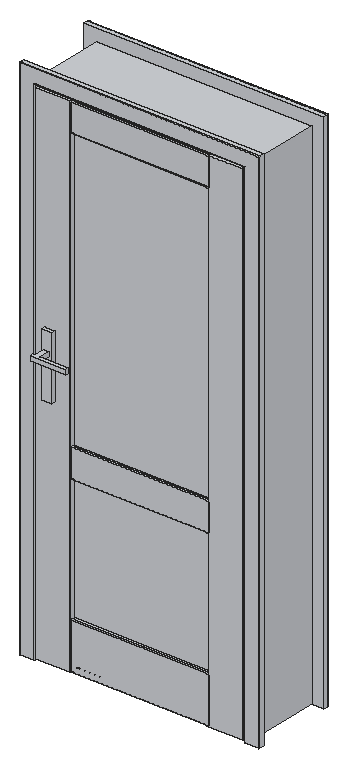
Revit family "b_portagrande_c0_pn60-100", category Drzwi, Revit 2016
Family settings
  Obiekt nadrzędny = Ściana
  Zawsze pionowo = Tak
  Tnij formami wycięć po wczytaniu = Nie
  Współdzielony = Nie
  Punkt obliczania pomieszczeń = Nie
Parameters (values of type "PN 80")
  Zakres szerokości muru [instance] = if(and(Szerokość ściany > 94 mm, Szerokość ściany < 120 mm), "B", (if(and(Szerokość ściany > 119 mm, Szerokość ściany < 140 mm), "C", (if(and(Szerokość ściany > 139 mm, Szerokość ściany < 160 mm), "D", (if(and(Szerokość ściany > 159 mm, Szerokość ściany < 180 mm), "E", (if(and(Szerokość ściany > 179 mm, Szerokość ściany < 200 mm), "F", (if(and(Szerokość ściany > 199 mm, Szerokość ściany < 220 mm), "G", (if(and(Szerokość ściany > 219 mm, Szerokość ściany < 240 mm), "H", (if(and(Szerokość ściany > 239 mm, Szerokość ściany < 260 mm), "I", (if(and(Szerokość ściany > 259 mm, Szerokość ściany < 280 mm), "J", (if(and(Szerokość ściany > 279 mm, Szerokość ściany < 301 mm), "K", "BRAK")))))))))))))))))))  # "K"
  Wysokość brutto = 2060 mm
  Szerokość ściany [instance] = 300 mm
  Szerokość brutto = 880 mm
  Model = "Porta GRANDE C.0"
  Konstrukcja analityczna = "<Brak>"
  Funkcja = Wewnętrzna
  URL = "www.porta.com.pl"
  Ss = 818 mm
  Sb = 846 mm
  Producent = "PORTA KMI POLAND"  # constant formula
  Keynote = ""
  Opis = "Własność Porta KMI Poland, wszelkie prawa zastrzeżone."  # constant formula
  Wysokość = 2016 mm
  Zakończenie ściany = Wg obiektu nadrzędnego
  Szerokość = 800 mm
  Materiał_skrzydło [instance] = none
  Materiał_ościeżnica [instance] = none
  Materiał_klamka [instance] = none
  Hs = 2017 mm
Types (5, lengths in mm): name | Szerokość brutto | Ss | Sb | Szerokość
  PN 70 | 780 | 718 | 746 | 700
  PN 60 | 680 | 618 | 646 | 600
  PN 80 | 880 | 818 | 846 | 800
  PN 90 | 980 | 918 | 946 | 900
  PN 100 | 1080 | 1018 | 1046 | 1000
Reference planes
  plane 1: y = 0
  plane 2 "Środek (Lewa/Prawa)": x = 0
  plane 3 "Lewy": x = -440
  plane 4 "Prawy": x = 440
  plane 5: z = 2060
  plane 6 "Zewnętrzna": y = 150
  plane 7 "Wewnętrzna": y = -150
  plane 8 "skrzydło": y = -129
Forms (mm)
  Sweep 1, solid, material <- "Materiał_ościeżnica"
    path in 3D
      loop
        line (-440, -150, 0) -> (-440, -150, 2060) -> (440, -150, 2060) -> (440, -150, 0)
    profile origin (-440, -150, 1030) x (0, -1, 0) y (1, 0, 0)
      loop
        line (-24, 39) -> (-72, 39) -> (-72, 17) -> (0, 17) -> (0, -33) -> (16, -33)
        arc (16, -33) -> (18.121, -32.121) -> (19, -30) r 3
        line (19, -30) -> (19, 24)
        arc (19, 24) -> (18.121, 26.121) -> (16, 27) r 3
        line (16, 27) -> (-24, 27) -> (-24, 39)
  Sweep 2, solid, material <- "Materiał_ościeżnica"
    path in 3D
      loop
        line (440, 150, 0) -> (440, 150, 2060) -> (-440, 150, 2060) -> (-440, 150, 0)
    profile origin (-440, 150, 1030) x (1, 0, 0) y (0, 1, 0)
      loop
        line (-33, 0) -> (17, 0) -> (17, -228) -> (39, -228) -> (39, -1)
        arc (39, -1) -> (37.536, 2.536) -> (34, 4) r 5
        line (34, 4) -> (25, 4) -> (25, 16)
        arc (25, 16) -> (24.121, 18.121) -> (22, 19) r 3
        line (22, 19) -> (-30, 19)
        arc (-30, 19) -> (-32.121, 18.121) -> (-33, 16) r 3
        line (-33, 16) -> (-33, 0)
  Sweep 3, solid, not visible
    path in 3D
      loop
        line (-440, -150, 0) -> (-440, -150, 2060)
    profile origin (-440, -150, 1030) x (0, -1, 0) y (1, 0, 0)
      loop
        line (-151, 17) -> (-149, 17) -> (-149, 19) -> (-151, 19) -> (-151, 17)
Cuts and joins
  joined: Sweep 1, Sweep 2
Lines and regions (mm)
  Opening 1
    outline origin (-3050, -150, 0) x (1, 0, 0) y (0, 0, 1)
      loop
        line (2610, 0) -> (3490, 0) -> (3490, 2060) -> (2610, 2060) -> (2610, 0)
  sketch lines
    curve 1: line (-440, -150, 0) -> (-440, -150, 2060)
    curve 2: line (-440, -150, 2060) -> (440, -150, 2060)
    curve 3: line (440, -150, 2060) -> (440, -150, 0)
    curve 4: line (-440, 150, 2060) -> (-440, 150, 0)
    curve 5: line (440, 150, 2060) -> (-440, 150, 2060)
    curve 6: line (440, 150, 0) -> (440, 150, 2060)
    curve 12: line (-440, -150, 0) -> (-440, -150, 2060)
  symbolic lines, style "DoorsPanelProjection"
    curve 7: line (409, -150, 0) -> (409, -968, 0)
    curve 8: line (409, -968, 0) -> (369, -968, 0)
    curve 9: line (369, -968, 0) -> (369, -150, 0)
    curve 10: line (369, -150, 0) -> (409, -150, 0)
  symbolic lines, style "Ugięcie rzutu"
    curve 11: arc (-409, -150, 0) -> (-169.413, -728.413, 0) -> (409, -968, 0) r 818
Text (mm)
  text "Zewnętrzna" at (-2295.016, 1099.543, 0), in view "Poziom odniesienia"
  text "Zewnętrzna" at (0, 1615.38, 3698.081), in view "Lewy"
  text "Zewnętrzna" at (0, 1036.032, 3874.932), in view "Prawy"
Dimensions and locks
  equal spacing: plane 3 "Lewy", plane 2 "Środek (Lewa/Prawa)", plane 4 "Prawy"
  "Szerokość brutto": plane 3 "Lewy" to plane 4 "Prawy"
  "Wysokość brutto": plane 5 to host wall
  host wall to plane 5 = 2060 mm  (x2)
  locked: plane 6 "Zewnętrzna" to host wall at 0
  locked: plane 7 "Wewnętrzna" to host wall
  "Sb": Sweep 1 to Sweep 1
  locked: Sweep 1 sketch curve to Sweep 1 sketch curve at 22
  Sweep 1 sketch curve to Sweep 1 sketch curve = 50 mm
  locked: Sweep 1 sketch curve to profile plane at 72
  locked: Sweep 2 sketch curve to Sweep 2 sketch curve at 50
  locked: Sweep 2 sketch curve to Sweep 2 sketch curve at 22
  locked: Sweep 2 sketch curve to plane 6 "Zewnętrzna" at 1
  locked: curve 9 to curve 7 at 40
  "Ss": curve 8 to curve 10
  equal spacing: curve 11, plane 2 "Środek (Lewa/Prawa)", curve 7
  locked: plane 7 "Wewnętrzna" to plane 8 "skrzydło" at 21
  locked: host wall to Sweep 3 sketch curve at 1
  locked: Sweep 3 sketch curve to host wall at 1
  locked: Sweep 3 sketch curve to plane 6 "Zewnętrzna" at 151
  locked: plane 7 "Wewnętrzna" to Sweep 3 sketch curve at 151
  equal spacing: nested 1, plane 2 "Środek (Lewa/Prawa)", nested 1
  locked: nested 1 to level at 8
  "Szerokość ściany": host wall to host wall
  aligned and locked: plane 3 "Lewy" to Opening 1 sketch curve
  aligned and locked: plane 5 to Opening 1 sketch curve  (x2)
  aligned and locked: Opening 1 sketch curve to plane 4 "Prawy"
  aligned and locked: Opening 1 sketch curve to level
  aligned and locked: plane 1 to host wall
  aligned and locked: Sweep 1 to Sweep 2 sketch curve
  aligned and locked: plane 7 "Wewnętrzna" to curve 10
  aligned and locked: Sweep 3 sketch curve to cut or joined group of Sweep 1, Sweep 2
  aligned and locked: Sweep 2 sketch curve to cut or joined group of Sweep 1, Sweep 2
  aligned and locked: nested 1 to plane 8 "skrzydło"
Automatic sketch dimensions
  profile plane to Sweep 1 sketch curve = 24 mm
  Sweep 1 sketch curve to profile plane = 16 mm  (x2)
  Sweep 1 sketch curve to Sweep 1 sketch curve = 3 mm
  profile plane to Sweep 1 sketch curve = 17 mm
  Sweep 1 sketch curve to Sweep 1 sketch curve = 7 mm
  Sweep 1 sketch curve to profile plane = 0 mm
  Sweep 2 sketch curve to profile plane = 0 mm
  Sweep 2 sketch curve to profile plane = 16 mm
  Sweep 2 sketch curve to Sweep 2 sketch curve = 3 mm
  Sweep 2 sketch curve to Sweep 2 sketch curve = 5 mm
  Sweep 2 sketch curve to profile plane = 4 mm
  Sweep 2 sketch curve to Sweep 2 sketch curve = 8 mm
  curve 11 to host wall = 0 mm
  Sweep 3 sketch curve to Sweep 3 sketch curve = 2 mm
Nested families
  nested 1: "skrzydło" at (0, -135.5, 0), Materiał_klamka <- "Materiał_klamka", Materiał_skrzydło <- "Materiał_skrzydło", type "skrzydło"
    with Materiał_skrzydło none, Materiał_klamka none
Definition of nested family "skrzydło"
  Parameters
    Ss = 818 mm
    Materiał_skrzydło [instance] = none
    Materiał_klamka [instance] = none
    Hs = 2017 mm
  Reference planes
    plane 1 "Tył": y = 6.5
    plane 2: z = 0
    plane 3 "Środek (Lewa/Prawa)": x = 0
    plane 4 "Lewa": x = -409
    plane 5 "Prawa": x = 409
    plane 6 "Przód": y = -33.5
    plane 7: z = 2025
    plane 8 "Centrum": y = -13.5
    plane 9: z = 8
    plane 10: x = -272
    plane 11: x = 272
  Forms (mm)
    Extrusion 1, solid, material <- "Materiał_skrzydło"
      sketch origin (-1191.728, -1524, 8) x (-1, 0, 0) y (0, -1, 0)
        loop
          line (-1465.378, -1490.5) -> (-1599.078, -1490.5)
          arc (-1599.078, -1490.5) -> (-1600.244, -1490.983) -> (-1600.728, -1492.15) r 1.65
          line (-1600.728, -1492.15) -> (-1600.728, -1528.8)
          arc (-1600.728, -1528.8) -> (-1600.23, -1530.002) -> (-1599.028, -1530.5) r 1.7
          line (-1599.028, -1530.5) -> (-1465.378, -1530.5)
          arc (-1465.378, -1530.5) -> (-1464.211, -1530.017) -> (-1463.728, -1528.85) r 1.65
          line (-1463.728, -1528.85) -> (-1463.728, -1492.15)
          arc (-1463.728, -1492.15) -> (-1464.211, -1490.983) -> (-1465.378, -1490.5) r 1.65
      from 0 to 2017
    Extrusion 2, solid, material <- "Materiał_skrzydło"
      sketch origin (0, 0, 0) x (0, 1, 0) y (0, 0, 1)
        loop
          line (4, 1911.65) -> (4, 2023.3)
          arc (4, 2023.3) -> (3.502, 2024.502) -> (2.3, 2025) r 1.7
          line (2.3, 2025) -> (-29.35, 2025)
          arc (-29.35, 2025) -> (-30.517, 2024.517) -> (-31, 2023.35) r 1.65
          line (-31, 2023.35) -> (-31, 1911.65)
          arc (-31, 1911.65) -> (-30.517, 1910.483) -> (-29.35, 1910) r 1.65
          line (-29.35, 1910) -> (2.35, 1910)
          arc (2.35, 1910) -> (3.517, 1910.483) -> (4, 1911.65) r 1.65
        loop
          line (2.35, 195) -> (-29.35, 195)
          arc (-29.35, 195) -> (-30.517, 194.517) -> (-31, 193.35) r 1.65
          line (-31, 193.35) -> (-31, 9.65)
          arc (-31, 9.65) -> (-30.517, 8.483) -> (-29.35, 8) r 1.65
          line (-29.35, 8) -> (-25, 8)
          arc (-25, 8) -> (-23.833, 8.483) -> (-23.35, 9.65) r 1.65
          arc (-23.35, 9.65) -> (-22.955, 10.605) -> (-22, 11) r 1.35
          line (-22, 11) -> (-5, 11)
          arc (-5, 11) -> (-4.045, 10.605) -> (-3.65, 9.65) r 1.35
          arc (-3.65, 9.65) -> (-3.167, 8.483) -> (-2, 8) r 1.65
          line (-2, 8) -> (2.35, 8)
          arc (2.35, 8) -> (3.517, 8.483) -> (4, 9.65) r 1.65
          line (4, 9.65) -> (4, 193.35)
          arc (4, 193.35) -> (3.517, 194.517) -> (2.35, 195) r 1.65
        loop
          line (2.35, 805) -> (-29.35, 805)
          arc (-29.35, 805) -> (-30.517, 804.517) -> (-31, 803.35) r 1.65
          line (-31, 803.35) -> (-31, 691.65)
          arc (-31, 691.65) -> (-30.517, 690.483) -> (-29.35, 690) r 1.65
          line (-29.35, 690) -> (2.35, 690)
          arc (2.35, 690) -> (3.517, 690.483) -> (4, 691.65) r 1.65
          line (4, 691.65) -> (4, 803.35)
          arc (4, 803.35) -> (3.517, 804.517) -> (2.35, 805) r 1.65
      from -272 to 272
    Extrusion 3, solid, material <- "Materiał_skrzydło"
      sketch origin (-892.016, -13.5, 1213) x (-1, 0, 0) y (0, 0, 1)
        loop
          line (-620.016, -408) -> (-620.016, 697) -> (-1164.016, 697) -> (-1164.016, -408) -> (-620.016, -408)
      from -4 to 4
    Extrusion 4, solid, material <- "Materiał_skrzydło"
      sketch origin (-892.016, -13.5, 1200) x (-1, 0, 0) y (0, 0, 1)
        loop
          line (-620.016, -510) -> (-1164.016, -510) -> (-1164.016, -1005) -> (-620.016, -1005) -> (-620.016, -510)
      from -4 to 4
    Extrusion 5, solid, material <- "Materiał_skrzydło"
      sketch origin (-1191.728, -1524, 8) x (-1, 0, 0) y (0, -1, 0)
        loop
          arc (-918.078, -1490.5) -> (-919.244, -1490.983) -> (-919.728, -1492.15) r 1.65
          line (-919.728, -1492.15) -> (-919.728, -1528.85)
          arc (-919.728, -1528.85) -> (-919.244, -1530.017) -> (-918.078, -1530.5) r 1.65
          line (-918.078, -1530.5) -> (-784.428, -1530.5)
          arc (-784.428, -1530.5) -> (-783.225, -1530.002) -> (-782.728, -1528.8) r 1.7
          line (-782.728, -1528.8) -> (-782.728, -1492.15)
          arc (-782.728, -1492.15) -> (-783.211, -1490.983) -> (-784.378, -1490.5) r 1.65
          line (-784.378, -1490.5) -> (-918.078, -1490.5)
      from 0 to 2017
  Dimensions and locks
    equal spacing: plane 4 "Lewa", plane 3 "Środek (Lewa/Prawa)", plane 5 "Prawa"
    "Ss": plane 4 "Lewa" to plane 5 "Prawa"
    locked: plane 9 to level at 8
    "Hs": plane 7 to plane 9
    locked: nested 1 to plane 9 at 934
    locked: plane 9 to nested 2 at 934
    equal spacing: plane 6 "Przód", plane 8 "Centrum", plane 1 "Tył"
    locked: plane 10 to plane 4 "Lewa" at 137
    locked: plane 5 "Prawa" to plane 11 at 137
    aligned and locked: nested 1 to plane 6 "Przód"
    aligned and locked: plane 5 "Prawa" to Extrusion 1 sketch curve
    aligned and locked: Extrusion 1 sketch curve to plane 1 "Tył"
    aligned and locked: Extrusion 1 sketch curve to plane 6 "Przód"
    aligned and locked: Extrusion 1 sketch curve to plane 11
    aligned and locked: plane 7 to Extrusion 1
    aligned and locked: Extrusion 2 to plane 10
    aligned and locked: plane 11 to Extrusion 2
    aligned and locked: Extrusion 2 to Extrusion 3 sketch curve  (x2)
    aligned and locked: plane 10 to Extrusion 4 sketch curve
    aligned and locked: plane 11 to Extrusion 4 sketch curve
    aligned and locked: plane 4 "Lewa" to Extrusion 5 sketch curve
    aligned and locked: Extrusion 5 sketch curve to plane 10
    aligned and locked: plane 7 to Extrusion 5
    aligned and locked: nested 2 to nested 1
  Automatic sketch dimensions
    Extrusion 3 sketch curve to plane 7 = 115 mm
    Extrusion 3 sketch curve to Extrusion 3 sketch curve = 1105 mm
    Extrusion 5 sketch curve to plane 6 "Przód" = 0 mm
    plane 1 "Tył" to Extrusion 5 sketch curve = 0 mm
    Extrusion 5 sketch curve to plane 10 = 1.65 mm
    plane 1 "Tył" to Extrusion 5 sketch curve = 1.65 mm
    plane 4 "Lewa" to Extrusion 5 sketch curve = 1.7 mm
    plane 4 "Lewa" to Extrusion 5 sketch curve = 1.65 mm
    Extrusion 1 sketch curve to Extrusion 1 sketch curve = 1.65 mm
    Extrusion 1 sketch curve to plane 5 "Prawa" = 1.7 mm
    plane 11 to Extrusion 1 sketch curve = 1.65 mm  (x2)
    Extrusion 2 sketch curve to plane 7 = 0 mm
    Extrusion 2 sketch curve to plane 9 = 0 mm  (x2)
    plane 6 "Przód" to Extrusion 2 sketch curve = 2.5 mm  (x3)
    Extrusion 2 sketch curve to plane 7 = 1.65 mm
    Extrusion 2 sketch curve to Extrusion 2 sketch curve = 1.65 mm  (x8)
    plane 9 to Extrusion 2 sketch curve = 1.65 mm  (x2)
    Extrusion 2 sketch curve to Extrusion 2 sketch curve = 4.35 mm
    Extrusion 2 sketch curve to Extrusion 2 sketch curve = 0 mm  (x2)
    Extrusion 2 sketch curve to Extrusion 2 sketch curve = 1.35 mm
    plane 8 "Centrum" to Extrusion 2 sketch curve = 8.5 mm
    Extrusion 2 sketch curve to plane 7 = 1.7 mm
    plane 1 "Tył" to Extrusion 2 sketch curve = 4.2 mm
    plane 1 "Tył" to Extrusion 2 sketch curve = 4.15 mm  (x4)
    Extrusion 2 sketch curve to Extrusion 2 sketch curve = 182.35 mm
    Extrusion 2 sketch curve to Extrusion 2 sketch curve = 495 mm
    Extrusion 2 sketch curve to Extrusion 2 sketch curve = 111.7 mm
    Extrusion 2 sketch curve to Extrusion 2 sketch curve = 113.3 mm
    plane 9 to Extrusion 4 sketch curve = 187 mm
    Extrusion 4 sketch curve to Extrusion 4 sketch curve = 495 mm
  Nested families
    nested 1: "KLAMKA" at (-354, -33.5, 1067), Materiał klamki <- "Materiał_klamka", type "KLAMKA"
      with Materiał klamki none
    nested 2: "KLAMKA" at (-354, 6.5, 1067), Materiał klamki <- "Materiał_klamka", type "KLAMKA"
      with Materiał klamki none
  Definition of nested family "KLAMKA"
    Parameters
      Materiał klamki [instance] = none
      Assembly Code = ""
      Default Elevation = 1219.2 mm
    Reference planes
      plane 1 "Center (Front/Back)": y = 0
      plane 2: z = 0
      plane 3 "Center (Left/Right)": x = 0
      plane 4: z = 125
      plane 5: z = -125
      plane 6: x = 20
      plane 7: x = -20
      plane 8: y = -70
      plane 9: y = -60
      plane 10: x = 10
      plane 11: x = -10
      plane 12: x = 120
      plane 13: z = 35
      plane 14: z = 55
      plane 15: y = -15
    Forms (mm)
      Extrusion 1, solid, material <- "Materiał klamki"
        sketch origin (0, 0, 0) x (1, 0, 0) y (0, 0, 1)
          loop
            line (-20, 125) -> (-20, -125) -> (20, -125) -> (20, 125) -> (-20, 125)
        from 0 to 15
      Extrusion 2, solid, material <- "Materiał klamki"
        sketch origin (0, 0, 0) x (1, 0, 0) y (0, 1, 0)
          loop
            line (-10, -15) -> (-10, -60) -> (-20, -60) -> (-20, -70) -> (120, -70) -> (120, -60) -> (10, -60) -> (10, -15) -> (-10, -15)
        from 35 to 55
    Dimensions and locks
      equal spacing: plane 4, plane 2, plane 5
      plane 4 to plane 5 = 250 mm
      equal spacing: plane 7, plane 3 "Center (Left/Right)", plane 6
      plane 7 to plane 6 = 40 mm
      plane 8 to plane 1 "Center (Front/Back)" = 70 mm
      plane 11 to plane 3 "Center (Left/Right)" to plane 10 = 10 mm locked, 10 mm locked
      plane 7 to plane 12 = 140 mm
      plane 15 to plane 1 "Center (Front/Back)" = 15 mm
      aligned and locked: plane 7 to Extrusion 1 sketch curve
      aligned and locked: Extrusion 1 sketch curve to plane 4
      aligned and locked: plane 5 to Extrusion 1 sketch curve
      aligned and locked: Extrusion 1 sketch curve to plane 6
      aligned and locked: plane 15 to Extrusion 1
      aligned and locked: Extrusion 1 to plane 1 "Center (Front/Back)"
      aligned and locked: plane 14 to Extrusion 2
      aligned and locked: Extrusion 2 to plane 13
    Automatic sketch dimensions
      Extrusion 2 sketch curve to plane 7 = 0 mm
      Extrusion 2 sketch curve to plane 9 = 0 mm  (x2)
      Extrusion 2 sketch curve to plane 11 = 0 mm
      Extrusion 2 sketch curve to plane 10 = 0 mm
      Extrusion 2 sketch curve to plane 12 = 0 mm
      Extrusion 2 sketch curve to plane 8 = 0 mm
      Extrusion 2 sketch curve to plane 15 = 0 mm
